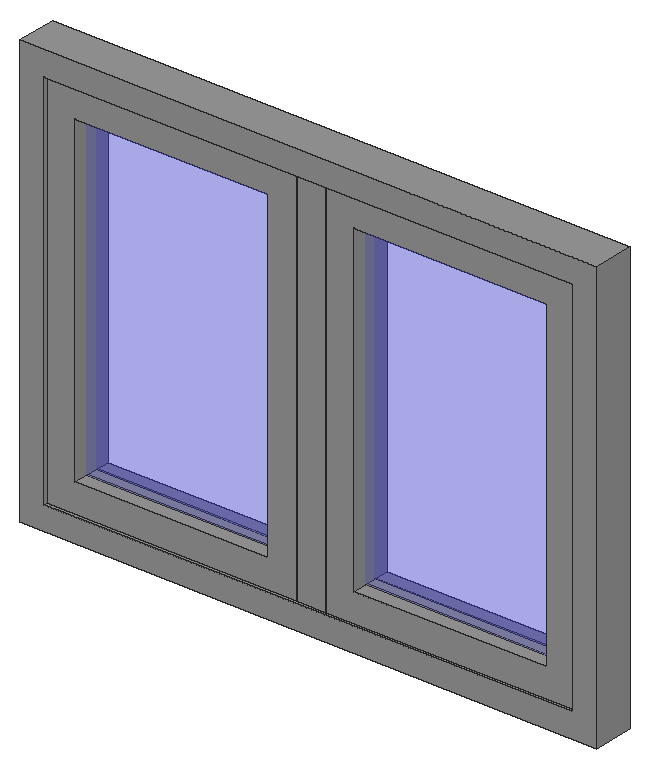
Revit family "Family8", category Windows, host Wall, Revit 2018
Family settings
  Host = Wall
  OmniClass Number = 23.30.20.00
  OmniClass Title = Windows
  Always vertical = Yes
  Cut with Voids When Loaded = No
  Shared = No
  Room Calculation Point = No
Parameters
  Window Thickness = 84 mm
  Window = White
  Visual Light Transmittance = 0.81
  URL = "www.skywardwindows.co.za"
  Thermal Resistance (R) = 0.3196 (m²·K)/W
  Telephone = "021 276 1800"
  Solar Heat Gain Coefficient = 0.76
  Manufacturer = "Skyward Windows"
  Height = 890 mm
  Heat Transfer Coefficient (U) = 3.1292 W/(m²·K)
  Glass Thickness = 4 mm
  Glass = Glass
  Email Address = "info@skywardwindows.co.za"
  Default Sill Height = 800 mm
  Wall Closure = By host
  Width = 1190 mm
  Company Address = "Charles Matthews Street Atlantis 7349"
  Analytic Construction = "Double glazing - domestic"
Reference planes
  plane 1 "Center (Front/Back)": y = 0
  plane 2 "Center (Left/Right)": x = 0
  plane 3 "Left": x = -595
  plane 4 "Right": x = 595
  plane 5 "Sill": z = 800
  plane 6 "Head": z = 1690
  plane 7 "Exterior": y = 100
  plane 8 "Interior": y = -100
Forms (mm)
  Extrusion 1, solid, material "White" <- "Window"
    sketch origin (0, -100, 0) x (1, 0, 0) y (0, 0, 1)
      loop
        line (-595, 1690) -> (-595, 800) -> (595, 800) -> (595, 1690) -> (-595, 1690)
      loop
        line (-545, 850) -> (545, 850) -> (545, 1640) -> (-545, 1640) -> (-545, 850)
    from -135.787 to -51.787
  Extrusion 2, solid, material "White" <- "Window"
    sketch origin (0, -100, 0) x (1, 0, 0) y (0, 0, 1)
      loop
        line (-545, 1640) -> (-545, 850) -> (-30, 850) -> (-30, 1640) -> (-545, 1640)
      loop
        line (-486, 909) -> (-89, 909) -> (-89, 1581) -> (-486, 1581) -> (-486, 909)
    from -142 to -58
  Extrusion 3, solid, material "White" <- "Window"
    sketch origin (575, -100, 0) x (1, 0, 0) y (0, 0, 1)
      loop
        line (-545, 1640) -> (-545, 850) -> (-30, 850) -> (-30, 1640) -> (-545, 1640)
      loop
        line (-486, 909) -> (-89, 909) -> (-89, 1581) -> (-486, 1581) -> (-486, 909)
    from -142 to -58
  Extrusion 4, solid, material "White" <- "Window"
    sketch origin (0, -100, 0) x (1, 0, 0) y (0, 0, 1)
      loop
        line (-30, 1640) -> (-30, 850) -> (30, 850) -> (30, 1640) -> (-30, 1640)
    from -142 to -58
  Extrusion 5, solid, material "Glass" <- "Glass"
    sketch origin (0, 0, 0) x (1, 0, 0) y (0, 1, 0)
      loop
        line (89, 14) -> (89, 10) -> (486, 10) -> (486, 14) -> (89, 14)
      loop
        line (89, -10) -> (89, -14) -> (486, -14) -> (486, -10) -> (89, -10)
      loop
        line (-486, 14) -> (-486, 10) -> (-89, 10) -> (-89, 14) -> (-486, 14)
      loop
        line (-486, -10) -> (-486, -14) -> (-89, -14) -> (-89, -10) -> (-486, -10)
    from 909 to 1581
Lines and regions (mm)
  Opening 1
    outline origin (3500, -100, 0) x (1, 0, 0) y (0, 0, 1)
      loop
        line (-2905, 800) -> (-2905, 1690) -> (-4095, 1690) -> (-4095, 800) -> (-2905, 800)
Text (mm)
  text "EXTERIOR" at (-1963.203, 1332.353, 0), in view "Ref. Level"
  text "INTERIOR" at (-1981.466, -818.386, 0), in view "Ref. Level"
  text "Exterior" at (0, 923.751, 2943.296), in view "Right"
  text "Exterior" at (0, 1040.484, 2685.409), in view "Left"
Dimensions and locks
  equal spacing: plane 3 "Left", plane 2 "Center (Left/Right)", plane 4 "Right"
  "Width": plane 3 "Left" to plane 4 "Right"
  "Height": plane 5 "Sill" to plane 6 "Head"
  "Default Sill Height": plane 5 "Sill" to level
  locked: plane 7 "Exterior" to host wall at 0
  locked: plane 8 "Interior" to host wall
  "Window Thickness": Extrusion 1 to Extrusion 1
  "Window Thickness": Extrusion 3 to Extrusion 3
  "Window Thickness": Extrusion 2 to Extrusion 2
  "Glass Thickness": Extrusion 5 to Extrusion 5  (x4)
  aligned and locked: Extrusion 1 sketch curve to host wall  (x3)
Automatic sketch dimensions
  plane 3 "Left" to Opening 1 sketch curve = 0 mm
  plane 4 "Right" to Opening 1 sketch curve = 0 mm
  Opening 1 sketch curve to plane 5 "Sill" = 0 mm
  Opening 1 sketch curve to plane 6 "Head" = 0 mm
  Extrusion 1 sketch curve to plane 6 "Head" = 0 mm
  Extrusion 1 sketch curve to plane 3 "Left" = 50 mm
  plane 4 "Right" to Extrusion 1 sketch curve = 50 mm
  Extrusion 1 sketch curve to plane 5 "Sill" = 50 mm
  plane 6 "Head" to Extrusion 1 sketch curve = 50 mm
  Extrusion 2 sketch curve to plane 3 "Left" = 50 mm
  Extrusion 2 sketch curve to Extrusion 2 sketch curve = 59 mm  (x2)
  plane 2 "Center (Left/Right)" to Extrusion 2 sketch curve = 89 mm
  plane 2 "Center (Left/Right)" to Extrusion 2 sketch curve = 30 mm
  Extrusion 2 sketch curve to plane 5 "Sill" = 50 mm
  plane 6 "Head" to Extrusion 2 sketch curve = 109 mm
  plane 6 "Head" to Extrusion 2 sketch curve = 50 mm
  Extrusion 3 sketch curve to plane 2 "Center (Left/Right)" = 30 mm
  Extrusion 3 sketch curve to Extrusion 3 sketch curve = 59 mm  (x2)
  plane 4 "Right" to Extrusion 3 sketch curve = 109 mm
  plane 4 "Right" to Extrusion 3 sketch curve = 50 mm
  Extrusion 3 sketch curve to plane 5 "Sill" = 50 mm
  plane 6 "Head" to Extrusion 3 sketch curve = 109 mm
  plane 6 "Head" to Extrusion 3 sketch curve = 50 mm
  plane 2 "Center (Left/Right)" to Extrusion 4 sketch curve = 30 mm
  Extrusion 4 sketch curve to plane 2 "Center (Left/Right)" = 30 mm
  Extrusion 4 sketch curve to plane 5 "Sill" = 50 mm
  plane 6 "Head" to Extrusion 4 sketch curve = 50 mm
  Extrusion 5 sketch curve to host wall = 14 mm  (x2)
  Extrusion 5 sketch curve to plane 3 "Left" = 109 mm
  Extrusion 5 sketch curve to Extrusion 5 sketch curve = 0 mm  (x4)
  plane 2 "Center (Left/Right)" to Extrusion 5 sketch curve = 89 mm
  Extrusion 5 sketch curve to plane 2 "Center (Left/Right)" = 89 mm
  plane 4 "Right" to Extrusion 5 sketch curve = 109 mm
  Extrusion 5 sketch curve to Extrusion 5 sketch curve = 4 mm  (x4)
  host wall to Extrusion 5 sketch curve = 10 mm  (x2)
